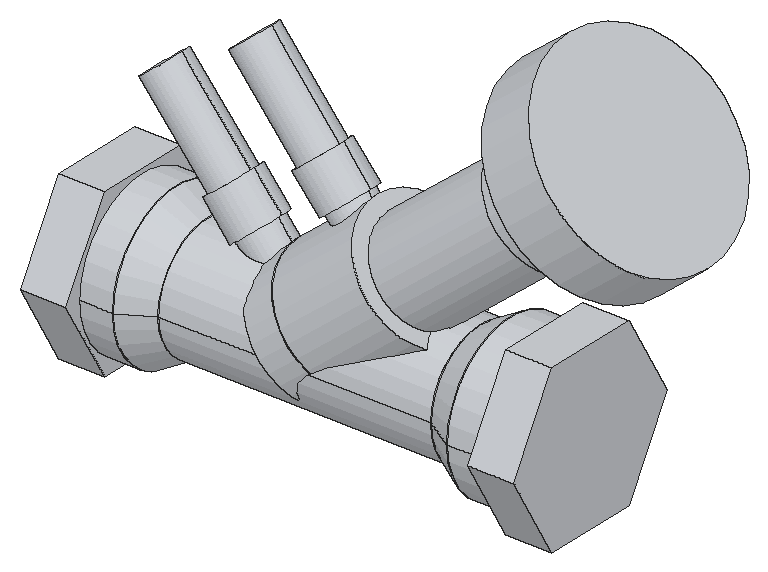
Revit family "D9505-DN50-RFA_2019", category Pipe Accessories, Revit 2019
Family settings
  Round Connector Dimension = Use Diameter
  Part Type = Valve - Breaks Into
  Work Plane-Based = No
  Always vertical = Yes
  Cut with Voids When Loaded = No
  Shared = No
Parameters (values of type "D9505 DN50")
  magiProductId = "2fc06cc644084f6992b3d357430981"
  magiProductFamilyId = "283409d322044e8dba8a30d68fed8b"
  magiPartTypeId = 304
  isMeasuringValve [instance] = no
  ang2D [instance] = 0.00°
  W2D = 10 mm
  VersionID = "2.0/2017.10.31.1/VIR_9505_001"
  Use Minimum Symbol Size [instance] = yes
  URL = "http://www.hydronic.cz"
  Type Comments = "závitový; PN25 (-10~+100°C) nebo PN20 (-10~+130°C)"
  RN2 = 26.4 mm
  RN = 31.2 mm
  R7 = 9 mm
  R6 = 7.5 mm
  R5 = 20 mm
  R4 = 17 mm
  R3 = 22 mm
  R2 = 26 mm
  R1 = 20 mm
  QmdConnectorList = "301;D;302;D"
  Productdata [instance] = ""
  NUT1 = no
  Manufacturer = "Hydronic Systems Prague s.r.o."
  MC Product Code = "9505 050 (DN50; PN25 kvs29,8)"
  MC Piping Given Pressure Drop [instance] = 0.0 Pa
  L_2 = 80.5 mm
  L7 = 36 mm
  L6 = 2 mm
  L4 = 20.93 mm
  L3 = 10 mm
  L2__ve = -L2  # -11 mm
  L2D_Min = 3048 mm
  L2D = 77 mm
  L2 = 11 mm
  L1__ve = -L1  # -15 mm
  L1 = 15 mm
  HWR = 35 mm
  H8 = 34.8 mm
  H7 = 13.92 mm
  H6 = 29 mm
  H5 = 24 mm
  H4 = 20 mm
  H3 = 52.753 mm
  H2 = 34 mm
  H1 = 12 mm
  Description = "Ruční vyvažovací ventil závitový; bronzový; DN50; kvs29,8"
  D = 50 mm
  CenSd_RN_6 = RN * cos(30.00°)  # 27.02 mm
  CenSd_RN2_6 = RN2 * cos(30.00°)  # 22.863 mm
  CAT0 = yes
Types (7, lengths in mm): name | magiProductId | RN2 | RN | R4 | R3 | R2 | R1 | MC Product Code | L_2 | L4 | L2__ve | L2 | L1__ve | L1 | H8 | H7 | H6 | H5 | H3 | H2 | H1 | Description | D | CenSd_RN_6 | CenSd_RN2_6
  D9505 DN10 | "f06221e9bc9341508f66871c80ccb9" | 13.2 | 15.6 | 11 | 11 | 13 | 10 | "9505 010 (DN10; PN25 kvs0,97)" | 38.5 | 10.01 | -8 | 8 | -7 | 7 | 27.3 | 10.92 | 18 | 13 | 13.859 | 42 | 4 | "Ruční vyvažovací ventil závitový; bronzový; DN10; kvs0,97" | 10 | 13.51 | 11.432
  D9505 DN15 | "7168eb0cb4024df38c6d32127ca87d" | 14.85 | 17.55 | 12.375 | 12.375 | 14.625 | 11.25 | "9505 015 (DN15; PN25 kvs2,67)" | 45 | 11.7 | -8 | 8 | -8 | 8 | 27 | 10.8 | 19.375 | 14.375 | 12.304 | 41 | 5 | "Ruční vyvažovací ventil závitový; bronzový; DN15; kvs2,67" | 15 | 15.199 | 12.86
  D9505 DN20 | "82f2a7b1fa884f8cafe37fee21fa09" | 16.5 | 19.5 | 13.75 | 13.75 | 16.25 | 12.5 | "9505 020 (DN20; PN25 kvs4,1)" | 51 | 13.26 | -8 | 8 | -9 | 9 | 27 | 10.8 | 20.75 | 15.75 | 12.304 | 40 | 6 | "Ruční vyvažovací ventil závitový; bronzový; DN20; kvs4,1" | 20 | 16.887 | 14.289
  D9505 DN25 | "a5bafb2d780d49b5957b650150642c" | 18.15 | 21.45 | 15.125 | 15.125 | 17.875 | 13.75 | "9505 025 (DN25; PN25 kvs6,4)" | 55 | 14.3 | -9 | 9 | -10 | 10 | 27 | 10.8 | 22.125 | 17.125 | 12.304 | 39 | 7 | "Ruční vyvažovací ventil závitový; bronzový; DN25; kvs6,4" | 25 | 18.576 | 15.718
  D9505 DN32 | "a42dead6f7694bcf97a0a9ce0e311e" | 20.46 | 24.18 | 17 | 17.05 | 20.15 | 15.5 | "9505 032 (DN32; PN25 kvs12,0)" | 60.5 | 15.73 | -9.5 | 9.5 | -11.4 | 11.4 | 34.8 | 13.92 | 24.05 | 19.05 | 52.753 | 38 | 8 | "Ruční vyvažovací ventil závitový; bronzový; DN32; kvs12,0" | 32 | 20.94 | 17.719
  D9505 DN40 | "7d52969a8dcd46c581304e64bff261" | 23.1 | 27.3 | 17 | 19.25 | 22.75 | 17.5 | "9505 040 (DN40; PN25 kvs19,5)" | 71 | 18.46 | -10 | 10 | -13 | 13 | 34.8 | 13.92 | 26.25 | 21.25 | 52.753 | 36 | 10 | "Ruční vyvažovací ventil závitový; bronzový; DN40; kvs19,5" | 40 | 23.642 | 20.005
  D9505 DN50 | "2fc06cc644084f6992b3d357430981" | 26.4 | 31.2 | 17 | 22 | 26 | 20 | "9505 050 (DN50; PN25 kvs29,8)" | 80.5 | 20.93 | -11 | 11 | -15 | 15 | 34.8 | 13.92 | 29 | 24 | 52.753 | 34 | 12 | "Ruční vyvažovací ventil závitový; bronzový; DN50; kvs29,8" | 50 | 27.02 | 22.863
Reference planes
  plane 1 "Center (Front/Back)": y = 0
  plane 2 "XYPLANE": z = 0
  plane 3 "Center (Left/Right)": x = 0
  plane 4 "312": through (-482.908, 0, 582.247) normal (0.766, 0, 0.6428)
  plane 5 "176": through (-608.918, 0, -453.042) normal (-0.6428, 0, 0.766)
  plane 6 "173": through (-603.184, 0, -459.875) normal (-0.6428, 0, 0.766)
  plane 7 "163": x = -20.93
  plane 8 "158": x = 44.5
  plane 9 "157": x = 54.5
  plane 10 "154": x = -44.5
  plane 11 "83": through (-612.132, 0, -449.212) normal (-0.6428, 0, 0.766)
  plane 12 "76": through (-464.523, 0, 597.674) normal (0.766, 0, 0.6428)
  plane 13 "73": through (-599.97, 0, -463.706) normal (-0.6428, 0, 0.766)
  plane 14 "70": through (-584.543, 0, -482.091) normal (-0.6428, 0, 0.766)
  plane 15 "69": y = 0
  plane 16 "68": through (-490.569, 0, 575.819) normal (0.766, 0, 0.6428)
  plane 17 "60": through (-401.131, 0, 650.866) normal (0.766, 0, 0.6428)
  plane 18 "57": through (-416.452, 0, 638.01) normal (0.766, 0, 0.6428)
  plane 19 "54": through (-456.863, 0, 604.102) normal (0.766, 0, 0.6428)
  plane 20 "32": through (-492.101, 0, 574.533) normal (0.766, 0, 0.6428)
  plane 21 "31": y = 0
  plane 22 "30": through (564.523, 0, 482.091) normal (0.6428, 0, -0.766)
  plane 23 "21": x = -54.5
  plane 24 "20": x = 65.5
  plane 25 "19": x = -65.5
  plane 26 "13": x = 0
  plane 27 "11": x = 80.5
  plane 28 "10": x = -80.5
  plane 29 "9": y = 0
  plane 30 "8": z = 0
  plane 31 "65XY": through (-584.543, 0, -482.091) normal (-0.6428, 0, 0.766)
  plane 32 "65XZ": y = 0
  plane 33 "65YZ": through (-492.101, 0, 574.533) normal (0.766, 0, 0.6428)
  plane 34 "27XY": through (-492.101, 0, 574.533) normal (0.766, 0, 0.6428)
  plane 35 "27XZ": y = 0
  plane 36 "27YZ": through (564.523, 0, 482.091) normal (0.6428, 0, -0.766)
Forms (mm)
  Extrusion 1, solid, visible <- "CAT0"
    sketch origin (-492.101, 0, 574.533) x (0.642788, 0, -0.766044) y (0, 1, 0)
      loop
        circle (750, 0) r 22
    from 0 to 12 <- "H1"
  Extrusion 2, solid
    sketch origin (-608.918, 0, -453.042) x (0.766044, 0, 0.642788) y (0, 1, 0)
      loop
        circle (786, 0) r 7.5
    from 0 to 34.8 <- "H8"
  Extrusion 3, solid
    sketch origin (-599.97, 0, -463.706) x (0.766044, 0, 0.642788) y (0, 1, 0)
      loop
        circle (786, 0) r 9
    from 0 to 13.92 <- "H7"
  Extrusion 4, solid
    sketch origin (-456.863, 0, 604.102) x (0.642788, 0, -0.766044) y (0, 1, 0)
      loop
        circle (750, 0) r 17
    from 0 to 52.753 <- "H3"
  Extrusion 5, solid, visible <- "NUT1"
    sketch origin (-456.863, 0, 604.102) x (0.642788, 0, -0.766044) y (0, 1, 0)
      loop
        line (750, 26.4) -> (727.137, 13.2) -> (727.137, -13.2) -> (750, -26.4) -> (772.863, -13.2) -> (772.863, 13.2) -> (750, 26.4)
    from 0 to 15 <- "L1"
  Blend 6, solid, visible <- "CAT0"
    base sketch origin (-44.5, -750, 0) x (0, 1, 0) y (0, 0, 1)
      loop
        circle (750, 0) r 20
    top sketch origin (-44.5, -750, 0) x (0, 1, 0) y (0, 0, 1)
      loop
        circle (750, 0) r 20
    from 0 to 89
  Blend 7, solid
    base sketch origin (54.5, -750, 0) x (0, 1, 0) y (0, 0, 1)
      loop
        circle (750, 0) r 26
    top sketch origin (54.5, -750, 0) x (0, 1, 0) y (0, 0, 1)
      loop
        circle (750, 0) r 20
    from 0 to -10
  Blend 8, solid
    base sketch origin (-54.5, -750, 0) x (0, 1, 0) y (0, 0, 1)
      loop
        circle (750, 0) r 26
    top sketch origin (-54.5, -750, 0) x (0, 1, 0) y (0, 0, 1)
      loop
        circle (750, 0) r 20
    from 0 to 10
  Extrusion 9, solid
    sketch origin (-584.543, 0, -482.091) x (0.766044, 0, 0.642788) y (0, 1, 0)
      loop
        circle (752, 0) r 7.5
    from 0 to 29 <- "H6"
  Extrusion 10, solid
    sketch origin (-612.132, 0, -449.212) x (0.766044, 0, 0.642788) y (0, 1, 0)
      loop
        circle (752, 0) r 7.5
    from 0 to 34.8 <- "H8"
  Extrusion 11, solid
    sketch origin (-584.543, 0, -482.091) x (0.766044, 0, 0.642788) y (0, 1, 0)
      loop
        circle (786, 0) r 7.5
    from 0 to 24 <- "H5"
  Extrusion 12, solid
    sketch origin (-603.184, 0, -459.875) x (0.766044, 0, 0.642788) y (0, 1, 0)
      loop
        circle (752, 0) r 9
    from 0 to 13.92 <- "H7"
  Extrusion 13, solid, visible <- "CAT0"
    sketch origin (-401.131, 0, 650.866) x (0.642788, 0, -0.766044) y (0, 1, 0)
      loop
        circle (750, 0) r 35
    from 0 to 20 <- "H4"
  Extrusion 14, solid
    sketch origin (-416.452, 0, 638.01) x (0.642788, 0, -0.766044) y (0, 1, 0)
      loop
        circle (750, 0) r 20
    from 0 to 20 <- "H4"
  Extrusion 15, solid
    sketch origin (-482.908, 0, 582.247) x (0.642788, 0, -0.766044) y (0, 1, 0)
      loop
        circle (750, 0) r 22
    from 0 to 34 <- "H2"
  Extrusion 16, solid
    sketch origin (65.5, -750, 0) x (0, 1, 0) y (0, 0, 1)
      loop
        circle (750, 0) r 26
    from 0 to -11 <- "L2__ve"
  Extrusion 17, solid
    sketch origin (-65.5, -750, 0) x (0, 1, 0) y (0, 0, 1)
      loop
        circle (750, 0) r 26
    from 0 to 11 <- "L2"
  Extrusion 18, solid
    sketch origin (80.5, -750, 0) x (0, 1, 0) y (0, 0, 1)
      loop
        line (718.8, 0) -> (734.4, -27.02) -> (765.6, -27.02) -> (781.2, 0) -> (765.6, 27.02) -> (734.4, 27.02) -> (718.8, 0)
    from 0 to -15 <- "L1__ve"
  Extrusion 19, solid
    sketch origin (-80.5, -750, 0) x (0, 1, 0) y (0, 0, 1)
      loop
        line (781.2, 0) -> (765.6, 27.02) -> (734.4, 27.02) -> (718.8, 0) -> (734.4, -27.02) -> (765.6, -27.02) -> (781.2, 0)
    from 0 to 15 <- "L1"
  Extrusion 20, solid, not visible
    sketch origin (80.5, -750, 0) x (0, 1, 0) y (0, 0, 1)
      loop
        circle (750, 0) r 10
    from 0 to -10
  Extrusion 21, solid, not visible
    sketch origin (-80.5, -750, 0) x (0, 1, 0) y (0, 0, 1)
      loop
        circle (750, 0) r 10
    from 0 to 10
Lines and regions (mm)
  reference lines, not visible
    curve 1: circle (2, 2, 0) r 1 normal (0, 0, 1)
  reference lines
    curve 2: line (25.228, 0, 29.568) -> (28.902, -3.3, 25.19)
    curve 3: line (25.228, 0, 29.568) -> (25.228, -6.6, 29.568)
    curve 4: line (25.228, 0, 29.568) -> (21.554, -3.3, 33.947)
    curve 5: line (80.5, 0, 0) -> (80.5, 3.9, -6.755)
    curve 6: line (80.5, 0, 0) -> (80.5, 7.8, 0)
    curve 7: line (80.5, 0, 0) -> (80.5, 3.9, 6.755)
    curve 8: line (-80.5, 0, 0) -> (-80.5, -3.9, -6.755)
    curve 9: line (-80.5, 0, 0) -> (-80.5, -7.8, 0)
    curve 10: line (-80.5, 0, 0) -> (-80.5, -3.9, 6.755)
Dimensions and locks
  plane 1 "Center (Front/Back)" to curve 1 = 2 mm
  "H1": plane 20 "32" to plane 4 "312"
  "H7": plane 13 "73" to plane 5 "176"
  "H6": plane 14 "70" to plane 6 "173"
  "L4": plane 26 "13" to plane 7 "163"
  "L3": plane 9 "157" to plane 8 "158"
  "L2": plane 24 "20" to plane 9 "157"
  "L3": plane 23 "21" to plane 10 "154"
  "H7": plane 6 "173" to plane 11 "83"
  "L7": plane 33 "65YZ" to plane 12 "76"
  "H5": plane 14 "70" to plane 13 "73"
  locked: plane 31 "65XY" to plane 14 "70" at 0
  locked: plane 29 "9" to plane 15 "69"
  "L6": plane 33 "65YZ" to plane 16 "68"
  "H4": plane 18 "57" to plane 17 "60"
  "H3": plane 19 "54" to plane 18 "57"
  "H2": plane 4 "312" to plane 19 "54"
  locked: plane 34 "27XY" to plane 20 "32" at 0
  locked: plane 29 "9" to plane 21 "31"
  locked: plane 36 "27YZ" to plane 22 "30"
  "L2": plane 25 "19" to plane 23 "21"
  "L1": plane 27 "11" to plane 24 "20"
  "L1": plane 28 "10" to plane 25 "19"
  locked: plane 3 "Center (Left/Right)" to plane 26 "13"
  "L_2": plane 3 "Center (Left/Right)" to plane 27 "11"
  "L_2": plane 3 "Center (Left/Right)" to plane 28 "10"
  locked: plane 1 "Center (Front/Back)" to plane 29 "9"
  locked: plane 2 "XYPLANE" to plane 30 "8"
  "CenSd_RN2_6": curve 2 to Extrusion 5 sketch curve  (x2)
  "CenSd_RN2_6": curve 3 to Extrusion 5 sketch curve  (x2)
  "CenSd_RN2_6": curve 4 to Extrusion 5 sketch curve  (x2)
  Extrusion 5 sketch curve to Extrusion 5 sketch curve = 0 mm  (x12)
  "CenSd_RN_6": curve 5 to Extrusion 18 sketch curve  (x2)
  "CenSd_RN_6": curve 6 to Extrusion 18 sketch curve  (x2)
  "CenSd_RN_6": curve 7 to Extrusion 18 sketch curve  (x2)
  Extrusion 18 sketch curve to Extrusion 18 sketch curve = 0 mm  (x12)
  "CenSd_RN_6": curve 8 to Extrusion 19 sketch curve  (x2)
  "CenSd_RN_6": curve 9 to Extrusion 19 sketch curve  (x2)
  "CenSd_RN_6": curve 10 to Extrusion 19 sketch curve  (x2)
  Extrusion 19 sketch curve to Extrusion 19 sketch curve = 0 mm  (x12)
  "R3": radius of Extrusion 1 sketch curve
  "R6": radius of Extrusion 2 sketch curve
  "R7": radius of Extrusion 3 sketch curve
  "R4": radius of Extrusion 4 sketch curve
  "R1": radius of Blend 6 sketch curve  (x2)
  "R1": radius of Blend 7 sketch curve
  "R2": radius of Blend 7 sketch curve
  "R1": radius of Blend 8 sketch curve
  "R2": radius of Blend 8 sketch curve
  "R6": radius of Extrusion 9 sketch curve
  "R6": radius of Extrusion 10 sketch curve
  "R6": radius of Extrusion 11 sketch curve
  "R7": radius of Extrusion 12 sketch curve
  "HWR": radius of Extrusion 13 sketch curve
  "R5": radius of Extrusion 14 sketch curve
  "R3": radius of Extrusion 15 sketch curve
  "R2": radius of Extrusion 16 sketch curve
  "R2": radius of Extrusion 17 sketch curve
  locked: curve 3 to curve 2 (angle 60.00°)
  locked: curve 4 to curve 3 (angle 60.00°)
  locked: curve 4 to curve 2 (angle 120.00°)
  locked: curve 6 to curve 5 (angle 60.00°)
  locked: curve 7 to curve 6 (angle 60.00°)
  locked: curve 7 to curve 5 (angle 120.00°)
  locked: curve 9 to curve 8 (angle 60.00°)
  locked: curve 10 to curve 9 (angle 60.00°)
  locked: curve 10 to curve 8 (angle 120.00°)
  aligned and locked: level to plane 2 "XYPLANE"
  aligned and locked: plane 21 "31" to Extrusion 1 sketch curve
  aligned and locked: Extrusion 1 sketch curve to plane 22 "30"
  aligned and locked: Extrusion 2 sketch curve to plane 12 "76"
  aligned and locked: plane 15 "69" to Extrusion 2 sketch curve
  aligned and locked: Extrusion 3 sketch curve to plane 12 "76"
  aligned and locked: plane 15 "69" to Extrusion 3 sketch curve
  aligned and locked: plane 21 "31" to Extrusion 4 sketch curve
  aligned and locked: Extrusion 4 sketch curve to plane 22 "30"
  aligned and locked: curve 2 to plane 22 "30"
  aligned and locked: plane 21 "31" to curve 3
  aligned and locked: Blend 6 sketch curve to plane 29 "9"  (x2)
  aligned and locked: plane 30 "8" to Blend 6 sketch curve  (x2)
  aligned and locked: plane 8 "158" to Blend 6
  aligned and locked: Blend 7 sketch curve to plane 29 "9"  (x2)
  aligned and locked: plane 30 "8" to Blend 7 sketch curve  (x2)
  aligned and locked: Blend 7 to plane 8 "158"
  aligned and locked: Blend 8 sketch curve to plane 29 "9"  (x2)
  aligned and locked: plane 30 "8" to Blend 8 sketch curve  (x2)
  aligned and locked: plane 10 "154" to Blend 8
  aligned and locked: plane 15 "69" to Extrusion 9 sketch curve
  aligned and locked: Extrusion 9 sketch curve to plane 16 "68"
  aligned and locked: plane 15 "69" to Extrusion 10 sketch curve
  aligned and locked: Extrusion 10 sketch curve to plane 16 "68"
  aligned and locked: Extrusion 11 sketch curve to plane 12 "76"
  aligned and locked: plane 15 "69" to Extrusion 11 sketch curve
  aligned and locked: plane 15 "69" to Extrusion 12 sketch curve
  aligned and locked: Extrusion 12 sketch curve to plane 16 "68"
  aligned and locked: plane 21 "31" to Extrusion 13 sketch curve
  aligned and locked: Extrusion 13 sketch curve to plane 22 "30"
  aligned and locked: plane 21 "31" to Extrusion 14 sketch curve
  aligned and locked: Extrusion 14 sketch curve to plane 22 "30"
  aligned and locked: plane 21 "31" to Extrusion 15 sketch curve
  aligned and locked: Extrusion 15 sketch curve to plane 22 "30"
  aligned and locked: Extrusion 16 sketch curve to plane 29 "9"
  aligned and locked: plane 30 "8" to Extrusion 16 sketch curve
  aligned and locked: Extrusion 17 sketch curve to plane 29 "9"
  aligned and locked: plane 30 "8" to Extrusion 17 sketch curve
  aligned and locked: curve 7 to plane 29 "9"
  aligned and locked: plane 30 "8" to curve 7
  aligned and locked: curve 10 to plane 29 "9"
  aligned and locked: plane 30 "8" to curve 10
  aligned and locked: Extrusion 20 sketch curve to plane 29 "9"
  aligned and locked: plane 30 "8" to Extrusion 20 sketch curve
  aligned and locked: Extrusion 21 sketch curve to plane 29 "9"
  aligned and locked: plane 30 "8" to Extrusion 21 sketch curve
Automatic sketch dimensions
  plane 1 "Center (Front/Back)" to Extrusion 20 sketch curve = 10 mm
  plane 1 "Center (Front/Back)" to Extrusion 21 sketch curve = 10 mm
  plane 3 "Center (Left/Right)" to curve 1 = 2 mm
  radius of curve 1 = 1 mm
Connectors
  piping at (-80.5, 0, 0), diameter 50, driven by "D"
    settings: on Extrusion 21, index 1, connector inside diameter 609.6 mm, connector length 0 mm, flow factor 0, pipe flow 0.0 L/s, pressure drop 0.0 Pa, fitting loss kfactor 0, connector angle 0.00°, fixture units 0, engagement length 0 mm, angle of deflection 0.00°, flow configuration 0, flow direction 0, fitting loss method 0, system type 29, joint type 0, gender type 0, connector reference index 2, connector utility 0, adjustable connector no, is connector primary yes, connector description ""
  piping at (80.5, 0, 0), diameter 50, driven by "D"
    settings: on Extrusion 20, index 2, connector inside diameter 609.6 mm, connector length 0 mm, flow factor 0, pipe flow 0.0 L/s, pressure drop 0.0 Pa, fitting loss kfactor 0, connector angle 0.00°, fixture units 0, engagement length 0 mm, angle of deflection 0.00°, flow configuration 0, flow direction 0, fitting loss method 0, system type 29, joint type 0, gender type 0, connector reference index 1, connector utility 0, adjustable connector no, is connector primary no, connector description ""
